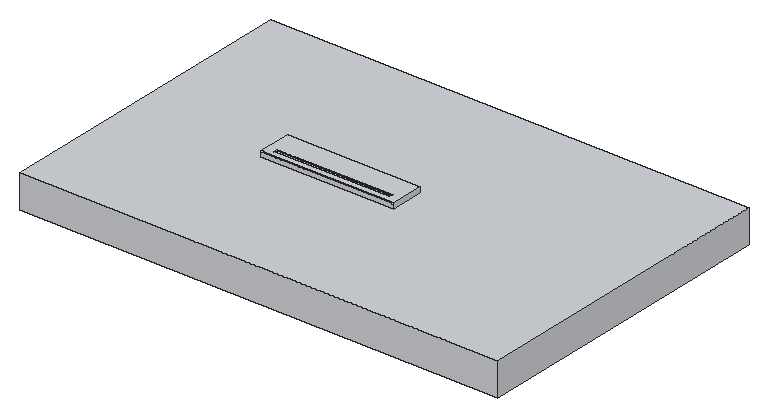
Revit family
Parameters
  Width = 1' - 0"
  URL = "www.coldspringgranite.com"
  TypicalJointSize = 0' - 0 1/4"
  StopCarborundumRight = 0' - 3"
  StopCarborundumLeft = 0' - 3"
  StoneMaterial = none
  SettingSpace = AirGap + Height  # 0' - 2 15/16"
  RightCarborundumVisibilityOn = not(RightCarborundumVisibilityOff)  # no
  RightCarborundumVisibilityOff = StopCarborundumRight > 0' 0"  # yes
  Product Name = "Stair Tread Stone for Veneered Application - Square Front Edge with One Carborundum Strip"
  Product Documentation Link = "http://www.coldspringgranite.com/BIM_Families/Family_Detail/Stair_Tread_Stone_for_Veneered_Application_–_Square_Front_Edge_with_One_Carborundum_Strip/"
  PhoneNumber = "800-551-7502"
  Notes = ""
  NosingRadius = 0' - 0 1/4"
  Model = "N/A"
  Manufacturer = "Cold Spring Granite Company"
  Low Emitting Material = yes
  Low Emitting Finish = yes
  Location = "17482 Granite West Road, Cold Spring, MN 56320-4578"
  Length = 4' - 0"
  LeftCarborundumVisibilityOff = StopCarborundumLeft > 0' 0"  # yes
  LEED Credit = ""
  Keynote = "096340"
  JointRightOff = no
  JointRight = if(JointRightOff, 0' 0", TypicalJointSize / 2)  # 0' - 0 1/8"
  JointLeftOff = no
  JointLeft = if(JointLeftOff, 0' 0", TypicalJointSize / 2)  # 0' - 0 1/8"
  Height = 0' - 1 15/16"
  Description = "Stone Stair Tread Veneer Square Single Carborundum"
  Default Elevation = 0' - 0"
  CarborundumWidth = 0' - 1 1/2"
  LeftCarborundumVisibilityOn = not(LeftCarborundumVisibilityOff)  # no
  CarborundumSetBack = 0' - 2"
  CarborundumDepth = 0' - 0 1/4"
  Assembly Code = "C2010100"
  AirGap = 0' - 1"
  ADA Compliant = yes
Reference planes (in)
  plane 1 "Center (Front/Back)": y = 0
  plane 2: z = 0
  plane 3 "Center (Left/Right)": x = 0
  plane 4 "StoneLeft": x = 0.125
  plane 5 "StoneRight": x = 47.875
  plane 6 "Right": x = 48
  plane 7 "CarborundumLeft": x = 3.125
  plane 8 "CarborundumRight": x = 44.875
  plane 9 "StoneBack": y = 12
  plane 10 "StoneFace": z = 2.9375
  plane 11 "CarborundumBottom": z = 2.6875
  plane 12 "StoneBottom": z = 1
  plane 13 "CarborundumFront": y = 2
  plane 14 "CarborundumBack": y = 3.5
Forms (in)
  Extrusion 1, solid
    sketch origin (0, 0, 0) x (1, 0, 0) y (0, 1, 0)
      loop
        line (-48, 64.5) -> (-48, -48) -> (124.0595, -48) -> (124.0595, 64.5) -> (-48, 64.5)
    from 0 to -12
  Extrusion 2, solid, material <- "StoneMaterial", detail levels medium+fine
    sketch origin (0, 0, 0) x (0, 1, 0) y (0, 0, 1)
      loop
        line (12, 2.9375) -> (0.25, 2.9375)
        arc (0.25, 2.9375) -> (0.07322, 2.86428) -> (0, 2.6875) r 0.25
        line (0, 2.6875) -> (0, 1) -> (12, 1) -> (12, 2.9375)
    from 0.125 to 47.875
  Extrusion 3, void
    sketch origin (0, 0, 0) x (0, 1, 0) y (0, 0, 1)
      loop
        line (3.5, 2.9375) -> (2, 2.9375) -> (2, 2.6875) -> (3.5, 2.6875) -> (3.5, 2.9375)
    from 3.125 to 44.875
  Extrusion 4, solid, material <- "StoneMaterial", detail levels coarse
    sketch origin (0, 0, 0) x (0, 1, 0) y (0, 0, 1)
      loop
        line (12, 2.9375) -> (0, 2.9375) -> (0, 1) -> (12, 1) -> (12, 2.9375)
    from 0 to 48
Cuts and joins
  Extrusion 3 cuts Extrusion 2
Lines and regions (in)
  Masking region 1, detail levels coarse
    outline origin (0, 0, 0) x (1, 0, 0) y (0, 1, 0)
      loop
        line (0, 12) -> (0, 0) -> (48, 0) -> (48, 12) -> (0, 12)
  Masking region 2, detail levels medium+fine
    outline origin (0, 0, 0) x (1, 0, 0) y (0, 1, 0)
      loop
        line (0.125, 12) -> (0.125, 0) -> (47.875, 0) -> (47.875, 12) -> (0.125, 12)
  Masking region 3, detail levels coarse
    outline origin (0, 0, 0) x (1, 0, 0) y (0, 0, 1)
      loop
        line (0, 2.9375) -> (0, 1) -> (48, 1) -> (48, 2.9375) -> (0, 2.9375)
  Masking region 4, detail levels medium+fine
    outline origin (0, 0, 0) x (1, 0, 0) y (0, 0, 1)
      loop
        line (0.125, 2.9375) -> (0.125, 1) -> (47.875, 1) -> (47.875, 2.9375) -> (0.125, 2.9375)
  Masking region 5, detail levels coarse
    outline origin (0, 0, 0) x (0, 1, 0) y (0, 0, 1)
      loop
        line (12, 2.9375) -> (0, 2.9375) -> (0, 1) -> (12, 1) -> (12, 2.9375)
  Masking region 6, detail levels fine
    outline origin (0, 0, 0) x (0, 1, 0) y (0, 0, 1)
      loop
        line (12, 2.9375) -> (3.5, 2.9375) -> (3.5, 2.6875) -> (2, 2.6875) -> (2, 2.9375) -> (0.25, 2.9375)
        arc (0.25, 2.9375) -> (0.07322, 2.86428) -> (0, 2.6875) r 0.25
        line (0, 2.6875) -> (0, 1) -> (12, 1) -> (12, 2.9375)
  Masking region 7, visible <- "LeftCarborundumVisibilityOn", detail levels medium
    outline origin (0, 0, 0) x (0, 1, 0) y (0, 0, 1)
      loop
        line (12, 1) -> (12, 2.9375) -> (3.5, 2.9375) -> (3.5, 2.6875) -> (2, 2.6875) -> (2, 2.9375) -> (0.25, 2.9375)
        arc (0.25, 2.9375) -> (0.07322, 2.86428) -> (0, 2.6875) r 0.25
        line (0, 2.6875) -> (0, 1) -> (12, 1)
  Masking region 8, visible <- "LeftCarborundumVisibilityOff", detail levels medium
    outline origin (0, 0, 0) x (0, 1, 0) y (0, 0, 1)
      loop
        line (12, 2.9375) -> (0.25, 2.9375)
        arc (0.25, 2.9375) -> (0.07322, 2.86428) -> (0, 2.6875) r 0.25
        line (0, 2.6875) -> (0, 1) -> (12, 1) -> (12, 2.9375)
  Masking region 9, visible <- "RightCarborundumVisibilityOn", detail levels medium
    outline origin (48, 0, 0) x (0, 1, 0) y (0, 0, 1)
      loop
        line (12, 2.9375) -> (3.5, 2.9375) -> (3.5, 2.6875) -> (2, 2.6875) -> (2, 2.9375) -> (0.25, 2.9375)
        arc (0.25, 2.9375) -> (0.07322, 2.86428) -> (0, 2.6875) r 0.25
        line (0, 2.6875) -> (0, 1) -> (12, 1) -> (12, 2.9375)
  Masking region 10, visible <- "RightCarborundumVisibilityOff", detail levels medium
    outline origin (48, 0, 0) x (0, 1, 0) y (0, 0, 1)
      loop
        arc (0.25, 2.9375) -> (0.07322, 2.86428) -> (0, 2.6875) r 0.25
        line (0, 2.6875) -> (0, 1) -> (12, 1) -> (12, 2.9375) -> (0.25, 2.9375)
  symbolic lines, detail levels medium+fine
    curve 1: line (3.125, 3.5, 0) -> (44.875, 3.5, 0)
    curve 2: line (3.125, 2, 0) -> (3.125, 3.5, 0)
    curve 3: line (44.875, 2, 0) -> (3.125, 2, 0)
    curve 4: line (44.875, 3.5, 0) -> (44.875, 2, 0)
Dimensions and locks (in)
  "Length": plane 3 "Center (Left/Right)" to plane 6 "Right"
  "JointLeft": plane 3 "Center (Left/Right)" to plane 4 "StoneLeft"
  "JointRight": plane 5 "StoneRight" to plane 6 "Right"
  "Width": plane 1 "Center (Front/Back)" to plane 9 "StoneBack"
  "StopCarborundumLeft": plane 7 "CarborundumLeft" to plane 4 "StoneLeft"
  "StopCarborundumRight": plane 5 "StoneRight" to plane 8 "CarborundumRight"
  "Height": plane 10 "StoneFace" to plane 12 "StoneBottom"
  "SettingSpace": plane 10 "StoneFace" to plane 2
  "CarborundumDepth": plane 10 "StoneFace" to plane 11 "CarborundumBottom"
  "CarborundumSetBack": plane 13 "CarborundumFront" to plane 1 "Center (Front/Back)"
  "CarborundumWidth": plane 14 "CarborundumBack" to plane 13 "CarborundumFront"
  "NosingRadius": radius of Extrusion 2 sketch curve
  aligned and locked: Extrusion 1 to plane 2
  aligned and locked: level to Extrusion 1
  aligned and locked: Extrusion 2 sketch curve to plane 10 "StoneFace"
  aligned and locked: Extrusion 2 sketch curve to plane 9 "StoneBack"
  aligned and locked: plane 12 "StoneBottom" to Extrusion 2 sketch curve
  aligned and locked: Extrusion 2 sketch curve to plane 1 "Center (Front/Back)"
  aligned and locked: plane 5 "StoneRight" to Extrusion 2
  aligned and locked: Extrusion 2 to plane 4 "StoneLeft"
  aligned and locked: Extrusion 3 sketch curve to plane 10 "StoneFace"
  aligned and locked: Extrusion 3 sketch curve to plane 14 "CarborundumBack"
  aligned and locked: plane 11 "CarborundumBottom" to Extrusion 3 sketch curve
  aligned and locked: plane 13 "CarborundumFront" to Extrusion 3 sketch curve
  aligned: Extrusion 3 to plane 4 "StoneLeft"
  aligned: plane 6 "Right" to Extrusion 3
  aligned and locked: Extrusion 3 to plane 7 "CarborundumLeft"
  aligned and locked: plane 8 "CarborundumRight" to Extrusion 3
  aligned and locked: Extrusion 4 sketch curve to plane 10 "StoneFace"
  aligned and locked: Extrusion 4 sketch curve to plane 9 "StoneBack"
  aligned and locked: plane 12 "StoneBottom" to Extrusion 4 sketch curve
  aligned and locked: Extrusion 4 sketch curve to plane 1 "Center (Front/Back)"
  aligned and locked: plane 6 "Right" to Extrusion 4
  aligned and locked: curve 1 to plane 14 "CarborundumBack"
  aligned and locked: curve 4 to plane 8 "CarborundumRight"
  aligned and locked: plane 3 "Center (Left/Right)" to Masking region 1 sketch curve
  aligned and locked: Masking region 1 sketch curve to plane 9 "StoneBack"
  aligned and locked: Masking region 1 sketch curve to plane 6 "Right"
  aligned and locked: Masking region 1 sketch curve to plane 1 "Center (Front/Back)"
  aligned and locked: Masking region 2 to plane 4 "StoneLeft"
  aligned and locked: plane 9 "StoneBack" to Masking region 2
  aligned and locked: plane 5 "StoneRight" to Masking region 2
  aligned and locked: plane 1 "Center (Front/Back)" to Masking region 2
  aligned and locked: plane 3 "Center (Left/Right)" to Masking region 3 sketch curve
  aligned and locked: Masking region 3 sketch curve to plane 10 "StoneFace"
  aligned and locked: Masking region 3 sketch curve to plane 6 "Right"
  aligned and locked: plane 12 "StoneBottom" to Masking region 3 sketch curve
  aligned and locked: plane 4 "StoneLeft" to Masking region 4 sketch curve
  aligned and locked: Masking region 4 sketch curve to plane 10 "StoneFace"
  aligned and locked: Masking region 4 sketch curve to plane 5 "StoneRight"
  aligned and locked: plane 12 "StoneBottom" to Masking region 4 sketch curve
  aligned and locked: Masking region 5 sketch curve to plane 10 "StoneFace"
  aligned and locked: Masking region 5 sketch curve to plane 9 "StoneBack"
  aligned and locked: plane 12 "StoneBottom" to Masking region 5 sketch curve
  aligned and locked: Masking region 5 sketch curve to plane 1 "Center (Front/Back)"
  aligned and locked: plane 10 "StoneFace" to Masking region 6 sketch curve
  aligned and locked: plane 9 "StoneBack" to Masking region 6 sketch curve
  aligned and locked: plane 12 "StoneBottom" to Masking region 6 sketch curve
  aligned and locked: Masking region 6 sketch curve to cut or joined group of Extrusion 2, Extrusion 3
  aligned and locked: plane 13 "CarborundumFront" to Masking region 6 sketch curve
  aligned and locked: plane 14 "CarborundumBack" to Masking region 6 sketch curve
  aligned and locked: plane 11 "CarborundumBottom" to Masking region 6 sketch curve
  aligned and locked: plane 9 "StoneBack" to Masking region 7 sketch curve
  aligned and locked: plane 10 "StoneFace" to Masking region 7 sketch curve
  aligned and locked: plane 14 "CarborundumBack" to Masking region 7 sketch curve
  aligned and locked: plane 11 "CarborundumBottom" to Masking region 7 sketch curve
  aligned and locked: plane 13 "CarborundumFront" to Masking region 7 sketch curve
  aligned and locked: Masking region 7 sketch curve to cut or joined group of Extrusion 2, Extrusion 3
  aligned and locked: plane 12 "StoneBottom" to Masking region 7 sketch curve
  aligned and locked: plane 10 "StoneFace" to Masking region 8 sketch curve
  aligned and locked: Masking region 8 sketch curve to cut or joined group of Extrusion 2, Extrusion 3
  aligned and locked: plane 12 "StoneBottom" to Masking region 8 sketch curve
  aligned and locked: plane 9 "StoneBack" to Masking region 8 sketch curve
  aligned and locked: Masking region 9 sketch curve to plane 9 "StoneBack"
  aligned and locked: Masking region 9 sketch curve to plane 1 "Center (Front/Back)"
  aligned and locked: Masking region 9 sketch curve to cut or joined group of Extrusion 2, Extrusion 3
  aligned and locked: Masking region 9 sketch curve to plane 12 "StoneBottom"
  aligned and locked: Masking region 9 sketch curve to plane 13 "CarborundumFront"
  aligned and locked: Masking region 9 sketch curve to plane 11 "CarborundumBottom"
  aligned and locked: Masking region 9 sketch curve to plane 14 "CarborundumBack"
  aligned and locked: Masking region 10 sketch curve to plane 9 "StoneBack"
  aligned and locked: Masking region 10 sketch curve to plane 12 "StoneBottom"
  aligned and locked: Masking region 10 sketch curve to plane 1 "Center (Front/Back)"
  aligned and locked: Masking region 10 sketch curve to cut or joined group of Extrusion 2, Extrusion 3
  aligned and locked: plane 7 "CarborundumLeft" to curve 1
  aligned and locked: plane 7 "CarborundumLeft" to curve 3
  aligned and locked: plane 13 "CarborundumFront" to curve 2
  aligned and locked: plane 8 "CarborundumRight" to curve 3
  aligned and locked: plane 14 "CarborundumBack" to curve 4
  aligned and locked: plane 13 "CarborundumFront" to curve 4
  aligned and locked: Extrusion 4 to plane 3 "Center (Left/Right)"
Automatic sketch dimensions
  Extrusion 1 sketch curve to Extrusion 1 sketch curve = 14' - 4.0595"
  Extrusion 1 sketch curve to Extrusion 1 sketch curve = 9' - 4 1/2"
  plane 3 "Center (Left/Right)" to Masking region 2 sketch curve = 0' - 0 1/8"
  Masking region 2 sketch curve to plane 6 "Right" = 0' - 0 1/8"
  plane 1 "Center (Front/Back)" to Masking region 2 sketch curve = 0' - 0"
  plane 9 "StoneBack" to Masking region 2 sketch curve = 0' - 0"
  Masking region 9 sketch curve to Masking region 9 sketch curve = 0' - 0"
Nested families (in)
  nested 1: "CopyRight" at (0, 0, 0), type "CopyRight"
Definition of nested family "CopyRight"
  Parameters (values of type "CopyRight")
    CopyRight = "Cold Spring Granite Company"
  Reference planes (in)
    plane 1: z = 0
